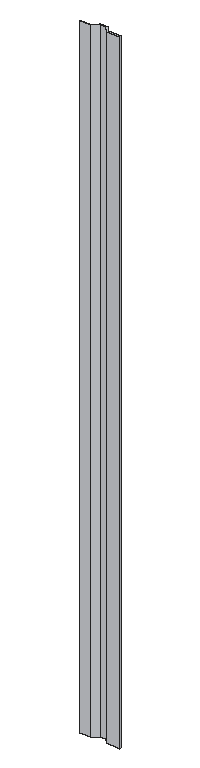
Revit family "Corrogated Curtain Panel Roof", category Curtain Panels, Revit 2022
Family settings
  OmniClass Number = 23.25.20.14.11.11.17
  OmniClass Title = Infill Panels
  Always vertical = Yes
  Cut with Voids When Loaded = No
  Shared = No
Reference planes
  plane 1 "Center (Front/Back)": y = 0
  plane 2: z = 0
  plane 3 "Center (Left/Right)": x = 0
  plane 4 "Left": x = -130
  plane 5 "Right": x = 130
  plane 6 "Top": z = 4000
  plane 7: x = -65
  plane 8: x = 22.98
Forms (mm)
  Extrusion 1, solid
    sketch origin (0, 0, 0) x (1, 0, 0) y (0, 1, 0)
      loop
        line (-117.9, 0) -> (-50, 0) -> (-20.046, 30.461) -> (20.046, 30.461) -> (50, 0) -> (130, 0) -> (130, 7) -> (52.934, 7) -> (22.98, 37.461) -> (-22.98, 37.461) -> (-52.934, 7) -> (-117.9, 7) -> (-117.9, 0)
    from 0 to 4000
Text (mm)
  text "Exterior" at (-2351.972, 1416.179, 0), in view "Ref. Level"
  text "Exterior" at (0, 2290.741, 4406.713), in view "Left"
  text "Exterior" at (0, 1328.187, 4120.349), in view "Right"
Dimensions and locks
  equal spacing: plane 4 "Left", plane 3 "Center (Left/Right)", plane 5 "Right"
  equal spacing: plane 4 "Left", plane 7, plane 3 "Center (Left/Right)"
  aligned and locked: level to plane 2
  aligned and locked: Extrusion 1 to plane 6 "Top"
Automatic sketch dimensions
  plane 1 "Center (Front/Back)" to Extrusion 1 sketch curve = 0 mm  (x2)
  Extrusion 1 sketch curve to plane 4 "Left" = 12.1 mm
  Extrusion 1 sketch curve to plane 8 = 0 mm
  Extrusion 1 sketch curve to plane 5 "Right" = 0 mm
  plane 7 to Extrusion 1 sketch curve = 12.066 mm
  Extrusion 1 sketch curve to Extrusion 1 sketch curve = 2.934 mm  (x3)
  Extrusion 1 sketch curve to plane 3 "Center (Left/Right)" = 22.98 mm
  Extrusion 1 sketch curve to plane 8 = 2.934 mm
  plane 8 to Extrusion 1 sketch curve = 27.02 mm
  Extrusion 1 sketch curve to plane 1 "Center (Front/Back)" = 7 mm  (x2)
  Extrusion 1 sketch curve to plane 1 "Center (Front/Back)" = 30.461 mm
  Extrusion 1 sketch curve to Extrusion 1 sketch curve = 7 mm
